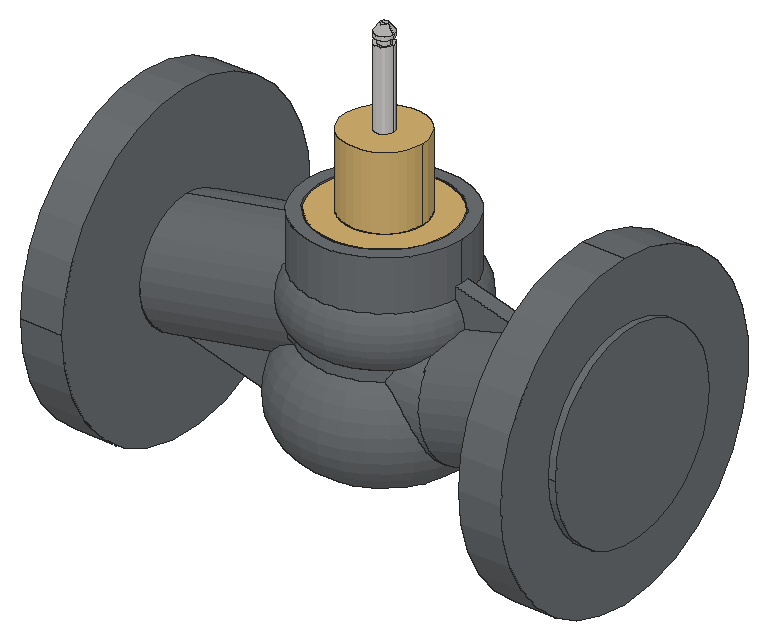
Revit family "VL2_DN15-DN100_RFA", category Pipe Accessories, Revit 2019
Family settings
  Round Connector Dimension = Use Diameter
  Part Type = Valve - Breaks Into
  OmniClass Number = 23.65.55.14.17
  OmniClass Title = Adjusting/Controlling Valves for Liquid Services
  Work Plane-Based = No
  Always vertical = Yes
  Cut with Voids When Loaded = No
  Shared = No
Parameters (values of type "VL2_DN25_Kvs10_065Z0377")
  W = D_Flange  # 100 mm
  V100_LOD 200 = if(and(LOD 200, D > 80 mm), 1 = 1, 1 = 0)  # no
  Nominal Pressure = "PN 6"  # constant formula
  LE1_100 = 20 mm
  LE_100 = 10 mm
  L = L2 * 2  # 160 mm
  H2 = 50 mm
  H [instance] = 141 mm
  EXT200 = 44 mm
  D1 = 50 mm
  L_Top = 3 mm
  V_SMALL LOD 200 = if(and(LOD 200, D < 100 mm), 1 = 1, 1 = 0)  # no
  V2 = if(D > 50 mm, 1 = 1, 1 = 0)  # no
  RB2 = 1 mm
  RB = 1 mm
  L_EXT = 90 mm
  L_100 = 10 mm
  HS_100 = 0 mm
  H_Revolve Bottom = 33 mm
  Weight = 2.59 kg
  W2 = 23 mm
  W1 = 18 mm
  Valve Body Material = Danfoss Grey Iron
  V_SMALL = if(and(LOD 350, D < 100 mm), 1 = 1, 1 = 0)  # yes
  V100 = if(and(LOD 350, D = 100 mm), 1 = 1, 1 = 0)  # no
  URL = "https://store.danfoss.com/en/Climate-Solutions-for-heating/Motorised-Control-Valves-/Globe-Valves/Valves-for-Heating-and-Cooling/c/4105?q=%3Arelevance%3Adanfoss_a50461501115_fts%3ATA1_1501116%3Adanfoss_a1015338478.nominal%3A15.0%3Adanfoss_a1015338478.nominal%3A20.0%3Adanfoss_a1015338478.nominal%3A25.0%3Adanfoss_a1015338478.nominal%3A32.0%3Adanfoss_a1015338478.nominal%3A40.0%3Adanfoss_a1015338478.nominal%3A65.0%3Adanfoss_a1015338478.nominal%3A80.0%3Adanfoss_a1015338478.nominal%3A100.0%3Adanfoss_producttypehierarchydesc%3A7dff7a1b9b02a685b93e9dec195870570b98ed85&text="
  Stroke = "10 mm"
  R_Arc = 36 mm
  R_Top = 12.5 mm
  R_Flow Pipe = 19 mm
  R2_Revolve = 10 mm
  R1_Revolve = 13 mm
  RT3 = 12.5 mm
  RT2 = 20.5 mm
  RT1_1 = 21 mm
  RT1 = 25 mm
  Pressure Drop [instance] = 0.0 bar
  Offset Flow Pipe_1 = 9 mm
  Offset Flow Pipe_2 = 6.47 mm
  Model Type = "VL2_DN25_Kvs10"
  Model = "065Z0377"
  Min Medium Temperature = "2 °C"  # constant formula
  Max Medium Temperature = "120 °C"  # constant formula
  Manufacturer = "Danfoss"  # constant formula
  L_S = 48 mm
  LOD 350 = not(LOD 200)  # yes
  LOD 200 = no
  L2 = 80 mm
  Kvs = 10.0 m³/h
  IfcExportType = "VL2"  # constant formula
  IfcExportAs = "IfcValveType"  # constant formula
  H_Revolve Top = 25 mm
  H1 = 91 mm
  HE_100 = 3 mm
  HE1 = 60.5 mm
  HE = 0 mm
  HB2 = 1 mm
  HB1 = 35 mm
  HB = 30 mm
  HE2 = 37 mm
  Flow [instance] = 0.0 m³/h
  EXT2 = 15 mm
  D_Connection End = 62 mm
  D_Flange = 100 mm
  Extrusion Top 2 = 5 mm
  Extrusion Top = 28 mm
  Extrusion Bottom = 30 mm
  Description = "Motorized Control Valve"  # constant formula
  D = 25 mm
  Connection = "Flange"  # constant formula
  L1_ve = -L1  # -2.5 mm
  Depth Flange_ve = -Depth_Flange  # -13.5 mm
  Depth_Flange = 13.5 mm
  L1 = 2.5 mm
  Assembly point = 1.3 mm
  Arc_100 = 1 mm
  A2_Flow Pipe = 165.00°
  A2_2 = 0.00°
  A2 = 15.00°
  A3 = 15.00°
  A1_Flow Pipe = 169.00°
  A1 = 12 mm
Types (13, lengths in mm): name | W | LE1_100 | LE_100 | L | H2 | H | EXT200 | D1 | L_Top | V2 | RB2 | RB | L_EXT | L_100 | HS_100 | H_Revolve Bottom | Weight | W2 | W1 | V_SMALL | V100 | Stroke | R_Arc | R_Top | R_Flow Pipe | R2_Revolve | R1_Revolve | RT3 | RT2 | RT1_1 | RT1 | Offset Flow Pipe_1 | Offset Flow Pipe_2 | Model Type | Model | L_S | L2 | Kvs | H_Revolve Top | H1 | HE_100 | HE1 | HE | HB2 | HB1 | HB | HE2 | EXT2 | D_Connection End | D_Flange | Extrusion Top 2 | Extrusion Top | Extrusion Bottom | D | L1_ve | Depth Flange_ve | Depth_Flange | L1 | Assembly point | Arc_100 | A2_Flow Pipe | A2_2 | A2 | A3 | A1_Flow Pipe | A1
  VL2_DN25_Kvs10_065Z0377 | 100 | 20 | 10 | 160 | 50 | 141 | 44 | 50 | 3 | no | 1 | 1 | 90 | 10 | 0 | 33 | 2.59 kg | 23 | 18 | yes | no | "10 mm" | 36 | 12.5 | 19 | 10 | 13 | 12.5 | 20.5 | 21 | 25 | 9 | 6.47 | "VL2_DN25_Kvs10" | "065Z0377" | 48 | 80 | 10.0 m³/h | 25 | 91 | 3 | 60.5 | 0 | 1 | 35 | 30 | 37 | 15 | 62 | 100 | 5 | 28 | 30 | 25 | -2.5 | -13.5 | 13.5 | 2.5 | 1.3 | 1 | 165.00° | 0.00° | 15.00° | 15.00° | 169.00° | 12
  VL2_DN32_Kvs16_065Z0378 | 120 | 20 | 10 | 180 | 60 | 155.5 | 48.5 | 64 | 3 | no | 1 | 1 | 100 | 10 | 0 | 35 | 3.82 kg | 27 | 15 | yes | no | "15 mm" | 41 | 12.5 | 24 | 18 | 19 | 23 | 23.5 | 24 | 29 | 7 | 7 | "VL2_DN32_Kvs16" | "065Z0378" | 48 | 90 | 16.0 m³/h | 33 | 95.5 | 3 | 65 | 0.5 | 1 | 35 | 30 | 41.5 | 25 | 72 | 120 | 10 | 34 | 30 | 32 | -2.5 | -15.8 | 15.8 | 2.5 | 0.8 | 1 | 168.00° | 0.00° | 13.00° | 15.00° | 170.00° | 13
  VL2_DN40_Kvs25_065Z0379 | 130 | 20 | 10 | 200 | 65 | 171 | 54 | 80 | 3 | no | 1 | 1 | 120 | 10 | 0 | 44 | 5.28 kg | 31 | 18 | yes | no | "15 mm" | 50 | 12.5 | 28.5 | 21 | 21 | 19 | 28.5 | 29 | 37 | 9 | 10 | "VL2_DN40_Kvs25" | "065Z0379" | 48 | 100 | 25.0 m³/h | 42 | 106 | 3 | 76 | 5.3 | 1 | 35 | 30 | 48 | 30 | 82 | 130 | 10 | 38 | 37 | 40 | -2.5 | -15.8 | 15.8 | 2.5 | 0.3 | 1 | 168.00° | 0.00° | 20.00° | 15.00° | 168.00° | 20
  VL2_DN50_Kvs40_065Z0380 | 140 | 20 | 10 | 230 | 70 | 181.3 | 59 | 100 | 3 | no | 1 | 1 | 150 | 10 | 0 | 53 | 6.74 kg | 42 | 30 | yes | no | "15 mm" | 59 | 12.5 | 30 | 23 | 26 | 20 | 34.5 | 35 | 43.5 | 10 | 15 | "VL2_DN50_Kvs40" | "065Z0380" | 65 | 115 | 40.0 m³/h | 45 | 111.3 | 3 | 81 | 6 | 1 | 35 | 30 | 53 | 30 | 93 | 140 | 10 | 40.5 | 41 | 50 | -3.5 | -16 | 16 | 3.5 | 0.3 | 1 | 166.00° | 0.00° | 18.00° | 13.00° | 170.00° | 15
  VL2_DN65_Kvs63_065Z0381 | 185 | 20 | 10 | 290 | 92.5 | 356 | 2 | 130 | 3 | yes | 27 | 55 | 180 | 10 | 0 | 66 | 13.90 kg | 58 | 40 | yes | no | "20 mm" | 82 | 12.5 | 41 | 23 | 27 | 22 | 1 | 5 | 22 | 20 | 25 | "VL2_DN65_Kvs63" | "065Z0381" | 97 | 145 | 63.0 m³/h | 68 | 148 | 3 | 113 | 20 | 7 | 81 | 60 | 68 | 65 | 130 | 185 | 20 | 63 | 66 | 65 | -5.5 | -19 | 19 | 5.5 | 7.3 | 1 | 165.00° | 0.00° | 20.00° | 18.00° | 165.00° | 30
  VL2_DN80_Kvs100_065Z0382 | 190 | 20 | 10 | 310 | 95 | 247 | 1 | 160 | 3 | yes | 27 | 62.5 | 200 | 10 | 0 | 65 | 17.22 kg | 64 | 43 | yes | no | "20 mm" | 91 | 12.5 | 44 | 32 | 37 | 22 | 1 | 5 | 22 | 30 | 21 | "VL2_DN80_Kvs100" | "065Z0382" | 95 | 155 | 100.0 m³/h | 75 | 152 | 3 | 118 | 32 | 8.5 | 86 | 60 | 60 | 58 | 138 | 190 | 20 | 66 | 65 | 80 | -5 | -17 | 17 | 5 | 7.3 | 1 | 169.00° | 0.00° | 15.00° | 15.00° | 163.00° | 22
  VL2_DN100_Kvs145_065Z3426 | 210 | 153 | 108 | 350 | 195 | 356 | 1 | 200 | 6 | yes | 105 | 70 | 19 | 170 | -72.5 | 50 | 39.00 kg | 50 | 43 | no | yes | "30 mm" | 2 | 17 | 47 | 25 | 25 | 35 | 60 | 59 | 35 | 25 | 33 | "VL2_DN100_Kvs145" | "065Z3426" | 95 | 175 | 145.0 m³/h | 60 | 161 | 72.5 | 117 | 33 | 44 | 151 | 70 | 45 | 0 | 160 | 210 | 20 | 67 | 152 | 100 | -3 | -21 | 21 | 3 | 0 | 30 | 164.00° | 44.00° | 45.00° | 0.00° | 165.00° | 43
  VL2_DN15_Kvs0.63_065Z0371 | 80 | 20 | 10 | 130 | 40 | 125 | 38 | 30 | 3 | no | 1 | 1 | 80 | 25 | 0 | 27 | 1.48 kg | 16 | 17 | yes | no | "10 mm" | 30 | 12.5 | 15 | 6 | 9 | 12.5 | 15.5 | 16 | 20.5 | 7 | 5 | "VL2_DN15_Ksv0.63" | "065Z0371" | 48 | 65 | 0.63 m³/h | 23 | 85 | 3 | 54.5 | 0 | 1 | 25 | 20 | 31 | 20 | 50 | 80 | 5 | 22 | 26 | 15 | -2.5 | -12 | 12 | 2.5 | 1.3 | 10 | 168.00° | 0.00° | 30.00° | 16.00° | 170.00° | 19
  VL2_DN20_Kvs6.3_065Z0376 | 90 | 20 | 10 | 150 | 45 | 132.3 | 40.5 | 40 | 3 | no | 1 | 1 | 85 | 10 | 0 | 31 | 2.07 kg | 19 | 16 | yes | no | "10 mm" | 35 | 12.5 | 17 | 8 | 10 | 12.5 | 19.5 | 20 | 23 | 6 | 6.47 | "VL2_DN20_Kvs6.3" | "065Z0376" | 48 | 75 | 6.3 m³/h | 25 | 87.3 | 3 | 57 | 0 | 1 | 25 | 30 | 33.5 | 18 | 56 | 90 | 8 | 27 | 28 | 20 | -2.5 | -13.5 | 13.5 | 2.5 | 1.3 | 1 | 165.00° | 0.00° | 22.00° | 15.00° | 172.00° | 16
  VL2_DN15_Kvs1.0_065Z0372 | 80 | 20 | 10 | 130 | 40 | 356 | 38 | 30 | 3 | no | 1 | 1 | 80 | 25 | 0 | 27 | 1.48 kg | 16 | 17 | yes | no | "10 mm" | 30 | 12.5 | 15 | 6 | 9 | 12.5 | 15.5 | 16 | 20.5 | 7 | 5 | "VL2_DN15_Kvs1.0" | "065Z0372" | 48 | 65 | 1.0 m³/h | 23 | 85 | 3 | 54.5 | 0 | 1 | 25 | 20 | 31 | 20 | 50 | 80 | 5 | 22 | 26 | 15 | -2.5 | -12 | 12 | 2.5 | 1.3 | 10 | 168.00° | 0.00° | 30.00° | 16.00° | 170.00° | 19
  VL2_DN15_Kvs1.6_065Z0373 | 80 | 20 | 10 | 130 | 40 | 356 | 38 | 30 | 3 | no | 1 | 1 | 80 | 25 | 0 | 27 | 1.48 kg | 16 | 17 | yes | no | "10 mm" | 30 | 12.5 | 15 | 6 | 9 | 12.5 | 15.5 | 16 | 20.5 | 7 | 5 | "VL2_DN15_Kvs1.6" | "065Z0373" | 48 | 65 | 1.6 m³/h | 23 | 85 | 3 | 54.5 | 0 | 1 | 25 | 20 | 31 | 20 | 50 | 80 | 5 | 22 | 26 | 15 | -2.5 | -12 | 12 | 2.5 | 1.3 | 10 | 168.00° | 0.00° | 30.00° | 16.00° | 170.00° | 19
  VL2_DN15_Kvs2.5_065Z0374 | 80 | 20 | 10 | 130 | 40 | 356 | 38 | 30 | 3 | no | 1 | 1 | 80 | 25 | 0 | 27 | 1.48 kg | 16 | 17 | yes | no | "10 mm" | 30 | 12.5 | 15 | 6 | 9 | 12.5 | 15.5 | 16 | 20.5 | 7 | 5 | "VL2_DN15_Kvs2.5" | "065Z0374" | 48 | 65 | 2.5 m³/h | 23 | 85 | 3 | 54 | 0 | 1 | 25 | 20 | 31 | 20 | 50 | 80 | 5 | 22 | 26 | 15 | -2.5 | -12 | 12 | 2.5 | 1.3 | 10 | 168.00° | 0.00° | 30.00° | 16.00° | 170.00° | 19
  VL2_DN15_Kvs4.0_065Z0375 | 80 | 20 | 10 | 130 | 40 | 356 | 38 | 30 | 3 | no | 1 | 1 | 80 | 25 | 0 | 27 | 1.48 kg | 16 | 17 | yes | no | "10 mm" | 30 | 12.5 | 15 | 6 | 9 | 12.5 | 15.5 | 16 | 20.5 | 7 | 5 | "VL2_DN15_Kvs4.0" | "065Z0375" | 48 | 65 | 4.0 m³/h | 23 | 85 | 3 | 54.5 | 0 | 1 | 25 | 20 | 31 | 20 | 50 | 80 | 5 | 22 | 26 | 15 | -2.5 | -12 | 12 | 2.5 | 1.3 | 10 | 168.00° | 0.00° | 30.00° | 16.00° | 170.00° | 19
Reference planes
  plane 1 "Center (Front/Back)": y = 0
  plane 2 "XYPLANE": z = 0
  plane 3 "Center (Left/Right)": x = 0
  plane 4 "108": x = -77.5
  plane 5 "107": x = 80
  plane 6 "106": x = -80
  plane 7 "105": y = 0
  plane 8 "104": z = 0
  plane 9 "103": x = 0
  plane 10 "101": z = 91
  plane 11 "1": x = 77.5
  plane 12 "X1": z = 37
  plane 13 "X2": z = 37
  plane 14 "3": z = 60.5
  plane 15: z = 87.5
  plane 16: z = 85.5
  plane 17: x = 3
  plane 18: z = -30
  plane 19: z = -18
  plane 20: z = 28
  plane 21 "y1": x = 12.5
  plane 22: z = 5
  plane 23: x = 48
  plane 24: x = -23
  plane 25: x = -18
  plane 26: x = 5
  plane 27: x = -5
  plane 28: x = -4
  plane 29: x = 4
  plane 30: y = -5
  plane 31: y = 5
  plane 32: y = 4
  plane 33: y = -4
  plane 34 "HB": z = -30
  plane 35: z = -35
  plane 36 "HB2": z = -36
  plane 37: x = -5
  plane 38: x = 5
  plane 39: y = 5
  plane 40: y = -5
  plane 41: x = 20
  plane 42: x = 10
  plane 43: z = -50
  plane 44: y = 50
  plane 45: y = -50
  plane 46: z = 38.3
Forms (mm)
  Extrusion 1, solid, material "Danfoss Grey Iron" <- "Valve Body Material", detail levels fine
    sketch origin (-80, -750, 0) x (0, 1, 0) y (0, 0, 1)
      loop
        circle (750, 0) r 31
    from 0 to 2.5 <- "L1"
  Extrusion 2, solid, material "Danfoss Grey Iron" <- "Valve Body Material", detail levels fine
    sketch origin (80, -750, 0) x (0, 1, 0) y (0, 0, 1)
      loop
        circle (750, 0) r 31
    from 0 to -2.5 <- "L1_ve"
  Extrusion 3, solid, material "Danfoss Grey Iron" <- "Valve Body Material", detail levels fine
    sketch origin (0, 0, 0) x (1, 0, 0) y (0, 1, 0)
      loop
        circle (0, 0) r 25
      loop
        circle (0, 0) r 21
    from 15 <- "EXT2" to 37 <- "HE2"
  Extrusion 4, solid, not visible
    sketch origin (80, -750, 0) x (0, 1, 0) y (0, 0, 1)
      loop
        circle (750, 0) r 10
    from 0 to -10
  Extrusion 5, solid, not visible
    sketch origin (-80, -750, 0) x (0, 1, 0) y (0, 0, 1)
      loop
        circle (750, 0) r 10
    from 0 to 10
  Extrusion 6, solid, material "Danfoss Grey Iron" <- "Valve Body Material", detail levels fine
    sketch origin (-77.5, -750, 0) x (0, 1, 0) y (0, 0, 1)
      loop
        circle (750, 0) r 50
    from 0 to 13.5 <- "Depth_Flange"
  Extrusion 7, solid, material "Danfoss Grey Iron" <- "Valve Body Material", detail levels fine
    sketch origin (77.5, 0, 0) x (0, 0, 1) y (0, -1, 0)
      loop
        circle (0, 0) r 50
    from 0 to -13.5 <- "Depth Flange_ve"
  Extrusion 8, solid, material "Danfoss Brass", detail levels fine
    sketch origin (0, 0, 37) x (-1, 0, 0) y (0, -1, 0)
      loop
        circle (0, 0) r 20.5
    from 0 to -9
  Extrusion 9, solid, material "Danfoss Grey Iron" <- "Valve Body Material", visible <- "LOD 350", detail levels fine
    sketch origin (0, 0, 0) x (1, 0, 0) y (0, 0, 1)
      loop
        line (-64, -18) -> (-19.215, -30) -> (0, -30) -> (0, 0) -> (-64, 0) -> (-64, -18)
    from -4 to 4
  Revolve 10, solid, material "Danfoss Grey Iron" <- "Valve Body Material", visible <- "V_SMALL LOD 200", detail levels fine
    sketch origin (0, 0, 0) x (1, 0, 0) y (0, 0, 1)
      loop
        line (0, 36) -> (0, -36)
        arc (0, -36) -> (25.456, -25.456) -> (36, 0) r 36
        arc (36, 0) -> (25.456, 25.456) -> (0, 36) r 36
      axis (0, 36) -> (0, -36)
    angle from 0 to 360
  Revolve 11, solid, material "Danfoss Stainless Steel AISI 304 / AISI 316L", detail levels fine
    sketch origin (0, 0, 0) x (1, 0, 0) y (0, 0, 1)
      loop
        line (0, 60.5) -> (3, 60.5) -> (3, 85.5) -> (2, 85.5) -> (2, 87.5) -> (3, 87.5) -> (3, 88.495) -> (1.246, 91) -> (0, 91) -> (0, 60.5)
      axis (0, 91) -> (0, 60.5)
    angle from 0 to 360
  Sweep 12, solid, material "Danfoss Grey Iron" <- "Valve Body Material", detail levels fine
    path origin (0, 0, 0) x (1, 0, 0) y (0, 0, 1)
      loop
        line (-80, 0) -> (-64, 0) -> (-17.699, 9) -> (0, 9)
    profile origin (-72, 0, 0) x (0, 0, 1) y (0, -1, 0)
      loop
        circle (0, 0) r 19
  Sweep 13, solid, material "Danfoss Grey Iron" <- "Valve Body Material", detail levels fine
    path origin (0, 0, 0) x (1, 0, 0) y (0, 0, 1)
      loop
        line (84.52, 0) -> (50.5, 0) -> (26.352, -6.47) -> (0, -6.47)
    profile origin (67.51, 0, 0) x (0, 0, -1) y (0, -1, 0)
      loop
        circle (0, 0) r 19
  Extrusion 14, solid, material "Danfoss Brass", detail levels fine
    sketch origin (0, 0, 37) x (-1, 0, 0) y (0, -1, 0)
      loop
        circle (0, 0) r 12.5
    from 0 to 23.5
  Extrusion 15, solid, material "Danfoss Grey Iron" <- "Valve Body Material", visible <- "LOD 350", detail levels fine
    sketch origin (0, 0, 0) x (1, 0, 0) y (0, 0, 1)
      loop
        line (12.5, 5) -> (64, 5) -> (64, 14.201) -> (12.5, 28) -> (12.5, 5)
    from -2.5 to 2.5
  Extrusion 16, void
    sketch origin (0, 0, 0) x (1, 0, 0) y (0, 0, 1)
      loop
        line (80, -44) -> (120, -44) -> (120, 28) -> (80, 28) -> (80, -44)
    from -48.024 to 48.024
  Revolve 17, solid, material "Danfoss Grey Iron" <- "Valve Body Material", visible <- "V_SMALL", detail levels fine
    sketch origin (0, 0, 0) x (1, 0, 0) y (0, 0, 1)
      loop
        line (0, -33) -> (0, 25) -> (-18, 25)
        arc (-18, 25) -> (-27.691, 15.838) -> (-23, 3.354) r 12.049
        line (-23, 3.354) -> (-23, 0)
        arc (-23, 0) -> (-30.79, -18.059) -> (-18, -33) r 18.583
        line (-18, -33) -> (0, -33)
      axis (0, 25) -> (0, -33)
    angle from 0 to 360
  Extrusion 18, solid, material "Danfoss Grey Iron" <- "Valve Body Material", visible <- "V100", detail levels fine
    sketch origin (0, 0, 0) x (1, 0, 0) y (0, 1, 0)
      loop
        arc (-4, 5) -> (-4.707, 4.707) -> (-5, 4) r 1
        line (-5, 4) -> (-5, -4)
        arc (-5, -4) -> (-4.707, -4.707) -> (-4, -5) r 1
        line (-4, -5) -> (4, -5)
        arc (4, -5) -> (4.707, -4.707) -> (5, -4) r 1
        line (5, -4) -> (5, 4)
        arc (5, 4) -> (4.707, 4.707) -> (4, 5) r 1
        line (4, 5) -> (-4, 5)
    from 0 <- "HS_100" to 3 <- "HE_100"
  Extrusion 19, solid, material "Danfoss Grey Iron" <- "Valve Body Material", visible <- "V2", detail levels fine
    sketch origin (0, 0, -30) x (-1, 0, 0) y (0, -1, 0)
      loop
        circle (0, 0) r 1
    from 0 to -5
  Extrusion 20, solid, material "Danfoss Grey Iron" <- "Valve Body Material", visible <- "V2", detail levels fine
    sketch origin (0, 0, -36) x (-1, 0, 0) y (0, -1, 0)
      loop
        circle (0, 0) r 1
    from 0 to 1 <- "HB2"
  Extrusion 21, solid, material "Danfoss Grey Iron" <- "Valve Body Material", visible <- "V100_LOD 200", detail levels fine
    sketch origin (0, 0, 0) x (1, 0, 0) y (0, 1, 0)
      loop
        line (5, 5) -> (-5, 5) -> (-5, -5) -> (5, -5) -> (5, 5)
    from 0 <- "HS_100" to 3 <- "HE_100"
  Extrusion 22, solid, material "Danfoss Grey Iron" <- "Valve Body Material", visible <- "V100", detail levels fine
    sketch origin (0, 0, 0) x (1, 0, 0) y (0, 0, 1)
      loop
        line (0, 0) -> (0, -30) -> (10, -30) -> (20, -30) -> (20, 0) -> (0, 0)
    from -4 to 4
  Extrusion 23, solid, material "Danfoss Grey Iron" <- "Valve Body Material", detail levels fine
    sketch origin (0, 0, 37) x (-1, 0, 0) y (0, -1, 0)
      loop
        circle (0, 0) r 12.5
    from -9 to 0 <- "HE"
Cuts and joins
  Extrusion 16 cuts Extrusion 4
  Extrusion 16 cuts Extrusion 2
  Extrusion 16 cuts Sweep 13
  joined: Extrusion 2, Sweep 13
Lines and regions (mm)
  reference lines, not visible
    curve 1: circle (2, 2, 0) r 1 normal (0, 0, 1)
Dimensions and locks
  plane 1 "Center (Front/Back)" to curve 1 = 2 mm
  "L1": plane 6 "106" to plane 4 "108"
  "L2": plane 3 "Center (Left/Right)" to plane 5 "107"
  "L2": plane 3 "Center (Left/Right)" to plane 6 "106"
  locked: plane 1 "Center (Front/Back)" to plane 7 "105"
  locked: plane 2 "XYPLANE" to plane 8 "104"
  locked: plane 3 "Center (Left/Right)" to plane 9 "103"
  "L1": plane 11 "1" to plane 5 "107"
  "HE2": plane 12 "X1" to level
  "HE": plane 13 "X2" to plane 12 "X1"
  "H1": plane 10 "101" to level
  "HE1": plane 14 "3" to level
  plane 15 to plane 16 = 2 mm
  plane 10 "101" to plane 15 = 3.5 mm
  plane 17 to plane 9 "103" = 3 mm
  Revolve 11 sketch curve to Revolve 11 sketch curve = 1 mm  (x2)
  Revolve 11 sketch curve to Revolve 11 sketch curve = 0.995 mm
  "Offset Flow Pipe_1": Sweep 12 sketch curve to Sweep 12 sketch curve
  plane 5 "107" to plane 6 "106" = 160 mm
  "Extrusion Bottom": level to plane 18
  "A1": plane 19 to plane 18
  Extrusion 9 sketch curve to plane 18 = 0 mm
  Extrusion 9 sketch curve to plane 19 = 0 mm
  "Offset Flow Pipe_2": Extrusion 9 to Sweep 13 sketch curve
  Sweep 13 sketch curve to Sweep 13 sketch curve = 26.352 mm
  "Extrusion Top": plane 20 to level
  "Extrusion Top 2": plane 22 to level
  Extrusion 15 sketch curve to plane 20 = 0 mm
  Extrusion 16 sketch curve to plane 5 "107" = 40 mm
  "L_S": plane 23 to plane 3 "Center (Left/Right)"
  "W2": plane 3 "Center (Left/Right)" to plane 24
  Revolve 17 sketch curve to Revolve 17 sketch curve = 3.354 mm
  "R2_Revolve": plane 25 to Revolve 17 sketch curve
  "H_Revolve Bottom": level to Revolve 17 sketch curve
  "H_Revolve Top": Revolve 17 sketch curve to level
  "L_Top": plane 17 to plane 9 "103"
  "L_100": plane 27 to plane 26
  equal spacing: plane 27, plane 9 "103", plane 26
  "L_100": plane 30 to plane 31
  equal spacing: plane 30, plane 7 "105", plane 31
  "L_EXT": plane 21 "y1" to plane 4 "108"
  "Arc_100": plane 27 to plane 28
  "Arc_100": plane 29 to plane 26
  "Arc_100": plane 32 to plane 31
  "Arc_100": plane 30 to plane 33
  "R1_Revolve": plane 25 to Revolve 17 sketch curve
  "W1": plane 9 "103" to plane 25
  "HB": level to plane 34 "HB"
  "HB1": level to plane 35
  "HB2": plane 35 to plane 36 "HB2"
  "L_100": plane 37 to plane 38
  "L_100": plane 40 to plane 39
  equal spacing: plane 40, plane 1 "Center (Front/Back)", plane 39
  equal spacing: plane 37, plane 3 "Center (Left/Right)", plane 38
  "LE1_100": plane 41 to plane 9 "103"
  "LE_100": plane 42 to plane 3 "Center (Left/Right)"
  "H2": level to plane 43
  "H": plane 10 "101" to plane 43
  level to plane 36 "HB2" = 36 mm
  "W": plane 44 to plane 45
  equal spacing: plane 44, plane 7 "105", plane 45
  "Assembly point": plane 46 to plane 13 "X2"
  "D_Connection End": diameter of Extrusion 1 sketch curve
  "D_Connection End": diameter of Extrusion 2 sketch curve
  "RT1": radius of Extrusion 3 sketch curve
  "D_Flange": diameter of Extrusion 6 sketch curve
  "RT1_1": radius of Extrusion 3 sketch curve
  "RT2": radius of Extrusion 8 sketch curve
  "R_Arc": radius of Revolve 10 sketch curve  (x2)
  "D_Flange": diameter of Extrusion 7 sketch curve
  "R_Flow Pipe": radius of Sweep 12 sketch curve
  "R_Flow Pipe": radius of Sweep 13 sketch curve
  "R_Top": radius of Extrusion 14 sketch curve
  "Arc_100": radius of Extrusion 18 sketch curve  (x4)
  "RB": radius of Extrusion 19 sketch curve
  "RB2": radius of Extrusion 20 sketch curve
  "RT3": radius of Extrusion 23 sketch curve
  "A1_Flow Pipe": angle Sweep 12 sketch curve to level
  "A3": angle Extrusion 15 sketch curve to plane 20
  "A2": angle Extrusion 9 sketch curve to plane 18
  "A2_Flow Pipe": angle Sweep 13 sketch curve to level
  "A2_2": angle plane 18 to Extrusion 22 sketch curve
  aligned and locked: level to plane 2 "XYPLANE"
  aligned and locked: Extrusion 1 sketch curve to plane 7 "105"
  aligned and locked: plane 8 "104" to Extrusion 1 sketch curve
  aligned and locked: Extrusion 2 sketch curve to plane 7 "105"
  aligned and locked: plane 8 "104" to Extrusion 2 sketch curve
  aligned and locked: plane 7 "105" to Extrusion 3 sketch curve
  aligned and locked: plane 9 "103" to Extrusion 3 sketch curve
  aligned and locked: Extrusion 4 sketch curve to plane 7 "105"
  aligned and locked: plane 8 "104" to Extrusion 4 sketch curve
  aligned and locked: Extrusion 5 sketch curve to plane 7 "105"
  aligned and locked: plane 8 "104" to Extrusion 5 sketch curve
  aligned and locked: plane 1 "Center (Front/Back)" to Extrusion 6 sketch curve
  aligned and locked: plane 1 "Center (Front/Back)" to Extrusion 7 sketch curve
  aligned and locked: Extrusion 6 to Extrusion 9 sketch curve
  aligned and locked: Extrusion 9 sketch curve to level
  aligned and locked: Revolve 10 sketch curve to plane 3 "Center (Left/Right)"
  aligned and locked: level to Revolve 10 sketch curve
  aligned and locked: Revolve 10 sketch curve to Revolve 10 sketch curve
  aligned and locked: Revolve 11 sketch curve to plane 14 "3"
  aligned and locked: Revolve 11 sketch curve to plane 9 "103"
  aligned and locked: Revolve 11 sketch curve to plane 17
  aligned and locked: Revolve 11 sketch curve to plane 16
  aligned and locked: Revolve 11 sketch curve to plane 10 "101"
  aligned and locked: plane 15 to Revolve 11 sketch curve
  aligned and locked: plane 14 "3" to Revolve 11 sketch curve
  aligned and locked: plane 10 "101" to Revolve 11 sketch curve
  aligned and locked: Sweep 12 sketch curve to plane 6 "106"
  aligned and locked: plane 1 "Center (Front/Back)" to Sweep 12 sketch curve
  aligned and locked: Sweep 12 sketch curve to plane 2 "XYPLANE"
  aligned and locked: Extrusion 6 to Sweep 12 sketch curve
  aligned and locked: plane 1 "Center (Front/Back)" to Sweep 13 sketch curve
  aligned and locked: plane 3 "Center (Left/Right)" to Sweep 12 sketch curve
  aligned and locked: plane 3 "Center (Left/Right)" to Sweep 13 sketch curve
  aligned and locked: plane 22 to Extrusion 15 sketch curve
  aligned and locked: plane 21 "y1" to Extrusion 15 sketch curve
  aligned and locked: Extrusion 7 to Extrusion 15 sketch curve
  aligned and locked: Extrusion 16 sketch curve to plane 5 "107"
  aligned and locked: Extrusion 9 sketch curve to plane 18
  aligned and locked: Extrusion 8 to plane 20
  aligned and locked: plane 25 to Revolve 17 sketch curve
  aligned and locked: Revolve 17 sketch curve to plane 24
  aligned and locked: plane 3 "Center (Left/Right)" to Revolve 17 sketch curve
  aligned and locked: Extrusion 3 to Revolve 17 sketch curve
  aligned and locked: Revolve 17 sketch curve to plane 9 "103"
  aligned and locked: level to Sweep 13 sketch curve
  aligned and locked: plane 31 to Extrusion 18 sketch curve
  aligned and locked: Extrusion 18 sketch curve to plane 30
  aligned and locked: plane 27 to Extrusion 18 sketch curve
  aligned and locked: plane 14 "3" to Extrusion 14
  aligned and locked: Extrusion 9 sketch curve to plane 3 "Center (Left/Right)"
  aligned and locked: plane 1 "Center (Front/Back)" to Extrusion 19 sketch curve
  aligned and locked: plane 3 "Center (Left/Right)" to Extrusion 19 sketch curve
  aligned and locked: Extrusion 19 to plane 35
  aligned and locked: plane 3 "Center (Left/Right)" to Extrusion 20 sketch curve
  aligned and locked: plane 1 "Center (Front/Back)" to Extrusion 20 sketch curve
  aligned and locked: plane 9 "103" to nested 1
  aligned and locked: Extrusion 21 sketch curve to plane 39
  aligned and locked: Extrusion 21 sketch curve to plane 37
  aligned and locked: Extrusion 21 sketch curve to plane 40
  aligned and locked: Extrusion 21 sketch curve to plane 38
  aligned and locked: Extrusion 22 sketch curve to plane 3 "Center (Left/Right)"
  aligned and locked: Extrusion 22 sketch curve to level
  aligned and locked: Extrusion 22 sketch curve to plane 18
  aligned and locked: Extrusion 22 sketch curve to plane 41
  aligned and locked: level to Extrusion 22 sketch curve
  aligned and locked: plane 42 to Extrusion 22 sketch curve
  aligned and locked: plane 1 "Center (Front/Back)" to Extrusion 23 sketch curve
  aligned and locked: plane 3 "Center (Left/Right)" to Extrusion 23 sketch curve
Automatic sketch dimensions
  plane 1 "Center (Front/Back)" to Extrusion 4 sketch curve = 10 mm
  plane 1 "Center (Front/Back)" to Extrusion 5 sketch curve = 10 mm
  plane 3 "Center (Left/Right)" to curve 1 = 2 mm
  Extrusion 16 sketch curve to plane 20 = 0 mm
  Extrusion 16 sketch curve to plane 18 = 14 mm
  Extrusion 3 sketch curve to Extrusion 3 sketch curve = 0 mm  (x2)
  Extrusion 6 sketch curve to level = 0 mm
  Extrusion 7 sketch curve to level = 0 mm
  plane 1 "Center (Front/Back)" to Extrusion 8 sketch curve = 0 mm
  Extrusion 8 sketch curve to plane 3 "Center (Left/Right)" = 0 mm
  Revolve 10 sketch curve to plane 12 "X1" = 0 mm
  plane 18 to Revolve 10 sketch curve = 0.5 mm
  Revolve 11 sketch curve to plane 3 "Center (Left/Right)" = 0 mm
  plane 3 "Center (Left/Right)" to Revolve 11 sketch curve = 1.246 mm
  profile plane to Sweep 12 sketch curve = 0 mm
  plane 5 "107" to Sweep 13 sketch curve = 4.52 mm
  Sweep 13 sketch curve to profile plane = 0 mm
  plane 1 "Center (Front/Back)" to Extrusion 14 sketch curve = 0 mm
  Extrusion 14 sketch curve to plane 3 "Center (Left/Right)" = 0 mm
  Revolve 17 sketch curve to plane 25 = 0 mm
  Revolve 17 sketch curve to level = 0 mm
  plane 35 to Revolve 17 sketch curve = 0.043 mm
  Extrusion 18 sketch curve to plane 29 = 0 mm
  radius of curve 1 = 1 mm
Nested families
  nested 1: "Schematic_2-Way Valve_Flange" at (0, 0, 0), type "Schematic_2-Way Valve_Flange", detail levels coarse+medium
Connectors
  piping at (-80, 0, 0), diameter 25, driven by "D", driven by "Flow"
    settings: on Extrusion 5, index 1, connector inside diameter 609.6 mm, connector length 0 mm, flow factor 0, pipe flow 0.0 m³/h, pressure drop 0.0 bar, fitting loss kfactor 0, connector angle 0.00°, fixture units 0, engagement length 0 mm, angle of deflection 0.00°, flow configuration 0, flow direction 0, fitting loss method 0, system type 29, joint type 0, gender type 0, connector reference index 2, connector utility 0, adjustable connector no, is connector primary yes, connector description ""
  piping at (80, 0, 0), diameter 25, driven by "D", driven by "Flow"
    settings: on Extrusion 4, index 2, connector inside diameter 609.6 mm, connector length 0 mm, flow factor 0, pipe flow 0.0 m³/h, pressure drop 0.0 bar, fitting loss kfactor 0, connector angle 0.00°, fixture units 0, engagement length 0 mm, angle of deflection 0.00°, flow configuration 0, flow direction 0, fitting loss method 0, system type 29, joint type 0, gender type 0, connector reference index 1, connector utility 0, adjustable connector no, is connector primary no, connector description ""
Definition of nested family "Schematic_2-Way Valve_Flange"
  Parameters (values of type "Schematic_2-Way Valve_Flange")
    L_1 = L / 3  # 120 mm
    L1 = L / 16  # 22.5 mm
    L = 360 mm
    H = 141 mm
    D1 = 100 mm
  Reference planes
    plane 1 "Center (Front/Back)": y = 0
    plane 2: z = 0
    plane 3 "Center (Left/Right)": x = 0
    plane 4: z = 50
    plane 5: z = -50
    plane 6: x = 180
    plane 7: x = -180
    plane 8: x = -157.5
    plane 9: x = 157.5
    plane 10: y = 50
    plane 11: y = -50
    plane 12: z = 141
    plane 13: z = 261
    plane 14: x = 60
    plane 15: x = -60
    plane 16: y = 141
    plane 17: y = 261
  Lines and regions (mm)
    model lines
      curve 1: line (-180, 0, 50) -> (-180, 0, -50)
      curve 2: line (180, 0, 50) -> (180, 0, -50)
      curve 3: line (0, 0, 0) -> (157.5, 0, 50)
      curve 4: line (157.5, 0, 50) -> (157.5, 0, -50)
      curve 5: line (157.5, 0, -50) -> (0, 0, 0)
      curve 6: line (0, 0, 0) -> (-157.5, 0, 50)
      curve 7: line (-157.5, 0, 50) -> (-157.5, 0, -50)
      curve 8: line (-157.5, 0, -50) -> (0, 0, 0)
      curve 17: line (0, 0, 141) -> (0, 0, 0)
      curve 18: line (-60, 0, 141) -> (60, 0, 141)
      curve 19: line (-60, 0, 261) -> (-60, 0, 141)
      curve 20: line (60, 0, 261) -> (-60, 0, 261)
      curve 21: line (60, 0, 141) -> (60, 0, 261)
    symbolic lines
      curve 9: line (0, 0, 0) -> (157.5, 50, 0)
      curve 10: line (157.5, 50, 0) -> (157.5, -50, 0)
      curve 11: line (157.5, -50, 0) -> (0, 0, 0)
      curve 12: line (0, 0, 0) -> (-157.5, 50, 0)
      curve 13: line (-157.5, 50, 0) -> (-157.5, -50, 0)
      curve 14: line (-157.5, -50, 0) -> (0, 0, 0)
      curve 15: line (-180, 50, 0) -> (-180, -50, 0)
      curve 16: line (180, 50, 0) -> (180, -50, 0)
      curve 22: line (-60, 141, 0) -> (60, 141, 0)
      curve 23: line (-60, 261, 0) -> (-60, 141, 0)
      curve 24: line (60, 261, 0) -> (-60, 261, 0)
      curve 25: line (60, 141, 0) -> (60, 261, 0)
      curve 26: line (0, 0, 0) -> (0, 141, 0)
  Dimensions and locks
    "L": plane 6 to plane 7
    equal spacing: plane 6, plane 3 "Center (Left/Right)", plane 7
    "D1": plane 4 to plane 5
    equal spacing: plane 4, level, plane 5
    "L1": plane 8 to plane 7
    "L1": plane 6 to plane 9
    "D1": plane 11 to plane 10
    equal spacing: plane 11, plane 1 "Center (Front/Back)", plane 10
    "L_1": plane 13 to plane 12
    "H": plane 12 to level
    "L_1": plane 14 to plane 15
    equal spacing: plane 14, plane 3 "Center (Left/Right)", plane 15
    "H": plane 1 "Center (Front/Back)" to plane 16
    "L_1": plane 16 to plane 17
    equal spacing: plane 15, plane 3 "Center (Left/Right)", plane 14
    plane 15 to plane 14 = 120 mm
    aligned and locked: level to plane 2
    aligned and locked: plane 5 to curve 1
    aligned and locked: plane 4 to curve 1
    aligned and locked: plane 4 to curve 2
    aligned and locked: plane 5 to curve 2
    aligned and locked: curve 4 to plane 9
    aligned and locked: curve 7 to plane 8
    aligned and locked: level to curve 17
    aligned and locked: curve 18 to plane 12
    aligned and locked: plane 15 to curve 19
    aligned and locked: plane 13 to curve 20
    aligned and locked: curve 21 to plane 14
    aligned and locked: plane 16 to curve 26
    aligned and locked: plane 12 to curve 17
  Automatic sketch dimensions
    curve 15 to plane 7 = 0 mm
    curve 14 to plane 8 = 0 mm
    curve 24 to plane 15 = 0 mm
    plane 1 "Center (Front/Back)" to curve 14 = 0 mm
    curve 14 to plane 3 "Center (Left/Right)" = 0 mm
    curve 25 to plane 14 = 0 mm
    curve 10 to plane 9 = 0 mm
    curve 16 to plane 6 = 0 mm
    plane 11 to curve 15 = 0 mm
    plane 11 to curve 13 = 0 mm
    plane 11 to curve 16 = 0 mm
    plane 11 to curve 10 = 0 mm
    plane 10 to curve 15 = 0 mm
    plane 10 to curve 12 = 0 mm
    plane 10 to curve 16 = 0 mm
    plane 10 to curve 10 = 0 mm
    plane 17 to curve 25 = 0 mm
    curve 1 to plane 7 = 0 mm
    curve 8 to plane 3 "Center (Left/Right)" = 0 mm
    curve 2 to plane 6 = 0 mm
    curve 7 to plane 5 = 0 mm
    curve 5 to plane 5 = 0 mm
    curve 7 to plane 4 = 0 mm
    curve 3 to plane 4 = 0 mm
